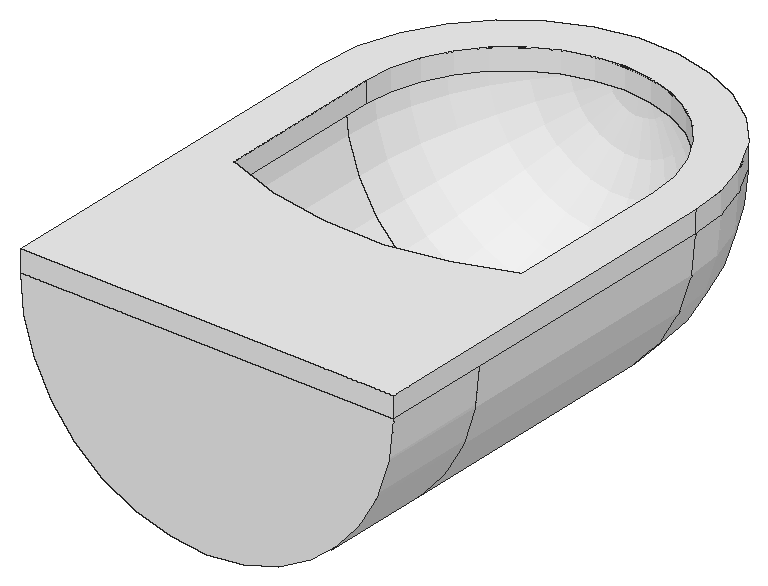
Revit family "WC Wall Mounted", category Plumbing Fixtures, Revit 2015
Parameters
  Material [instance] = Porcelain White
  Manufacturer = ""
  Assembly Code = ""
Reference planes
  plane 1 "Center (Front/Back)": y = 0
  plane 2: z = 0
  plane 3 "Center (Left/Right)": x = 0
Forms (mm)
  Extrusion 1, solid, material "Porcelain White" <- "Material"
    sketch origin (0, 0, 460.334) x (1, 0, 0) y (0, 1, 0)
      loop
        line (-175, 0) -> (175, 0) -> (175, 355)
        arc (175, 355) -> (0, 530) -> (-175, 355) r 175
        line (-175, 355) -> (-175, 0)
      loop
        line (135, 200) -> (135, 355)
        arc (135, 355) -> (0, 490) -> (-135, 355) r 135
        line (-135, 355) -> (-135, 200)
        arc (-135, 200) -> (0, 170.177) -> (135, 200) r 320.46
    from -20 to 0
  Blend 2, solid, material "Porcelain White" <- "Material"
    base sketch origin (0, 124.9, 440.334) x (0, 0, -1) y (1, 0, 0)
      loop
        arc (0, -175) -> (175, 0) -> (0, 175) r 175
        line (0, 175) -> (0, -175)
    top sketch origin (0, 124.9, 440.334) x (0, 0, -1) y (1, 0, 0)
      loop
        arc (0, -174.95) -> (175, 0.05) -> (0, 175.05) r 175
        line (0, 175.05) -> (0, -174.95)
    from 24.9 to 124.9
  Revolve 3, solid, material "Porcelain White" <- "Material"
    sketch origin (0, 0, 440.334) x (1, 0, 0) y (0, 1, 0)
      loop
        line (-175, 100) -> (-155, 100) -> (-155, 355)
        arc (-155, 355) -> (-109.602, 464.602) -> (0, 510) r 155
        line (0, 510) -> (0, 530)
        arc (0, 530) -> (-123.744, 478.744) -> (-175, 355) r 175
        line (-175, 355) -> (-175, 100)
      axis (0, 530) -> (0, 100)
    angle from 0 to 180
Lines and regions (mm)
  Masking region 1, detail levels coarse
    outline origin (0, 0, 0) x (1, 0, 0) y (0, 1, 0)
      loop
        line (-174.95, 0) -> (175.05, 0) -> (175.05, 355)
        arc (175.05, 355) -> (0.05, 530) -> (-174.95, 355) r 175
        line (-174.95, 355) -> (-174.95, 0)
  symbolic lines
    curve 1: line (175.05, 0, 0) -> (-174.95, 0, 0)
    curve 2: line (-174.95, 0, 0) -> (-174.95, 355, 0)
    curve 3: arc (-174.95, 355, 0) -> (0.05, 530, 0) -> (175.05, 355, 0) r 175
    curve 4: line (175.05, 355, 0) -> (175.05, 0, 0)
    curve 9: arc (135.05, 200, 0) -> (0.05, 170.177, 0) -> (-134.95, 200, 0) r 320.46
    curve 10: line (-134.95, 200, 0) -> (-134.95, 355, 0)
    curve 11: arc (-134.95, 355, 0) -> (0.05, 490, 0) -> (135.05, 355, 0) r 135
    curve 12: line (135.05, 355, 0) -> (135.05, 200, 0)
  symbolic lines, detail levels medium+fine
    curve 5: arc (-94.95, 125, 0) -> (-84.95, 135, 0) -> (-74.95, 125, 0) r 10
    curve 6: arc (-74.95, 125, 0) -> (-84.95, 115, 0) -> (-94.95, 125, 0) r 10
    curve 7: arc (75.05, 125, 0) -> (85.05, 135, 0) -> (95.05, 125, 0) r 10
    curve 8: arc (95.05, 125, 0) -> (85.05, 115, 0) -> (75.05, 125, 0) r 10
    curve 13: arc (45.05, 254.425, 0) -> (0.05, 239.703, 0) -> (-44.95, 254.425, 0) r 76.135
    curve 14: line (-44.95, 254.425, 0) -> (-44.95, 295.177, 0)
    curve 15: arc (-44.95, 295.177, 0) -> (0.05, 340.177, 0) -> (45.05, 295.177, 0) r 45
    curve 16: line (45.05, 295.177, 0) -> (45.05, 254.425, 0)
